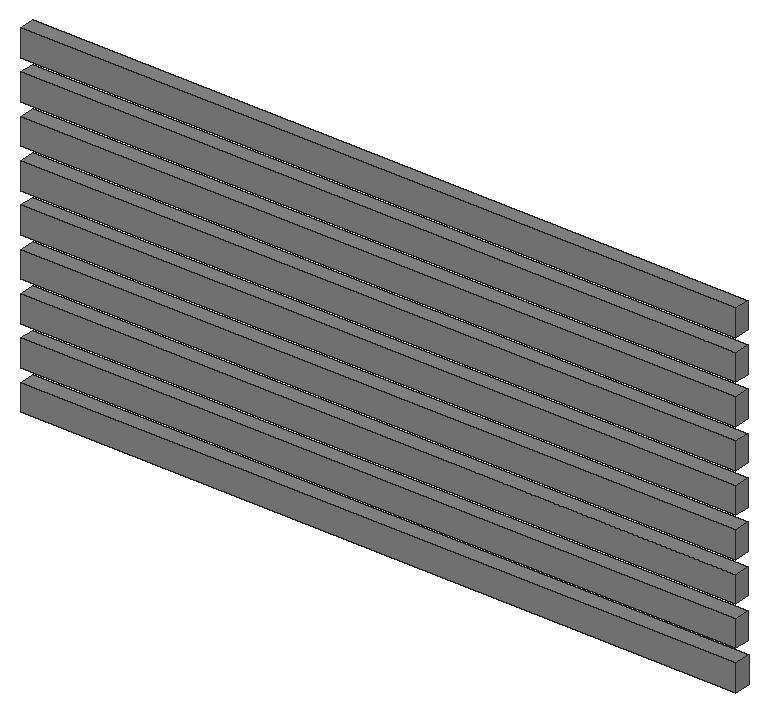
Revit family
Parameters (values of type "유형 1")
  프레임재질 = 금속 - 페인트 마감 - 어두운 회색, 무광
  Assembly Code = ""
  씰높이 = 786.78 mm
  넓이 = 2700 mm
Types (2): name
  유형 1
  유형_스몰
Reference planes
  plane 1 "벽": y = 0
  plane 2 "중심(왼쪽/오른쪽)": x = 125
  plane 3 "뒷면": y = 75
  plane 4: x = 1475
  plane 5: x = -1225
Forms (mm)
  Extrusion 1, solid, material "금속 - 페인트 마감 - 어두운 회색, 무광" <- "프레임재질"
    sketch origin (125, 0, 0) x (0, -1, 0) y (0, 0, -1)
      loop
        line (-118.529, -2086.78) -> (-58.529, -2086.78) -> (-58.529, -1986.78) -> (-118.529, -1986.78) -> (-118.529, -2086.78)
      loop
        line (-118.529, -1936.78) -> (-58.529, -1936.78) -> (-58.529, -1836.78) -> (-118.529, -1836.78) -> (-118.529, -1936.78)
      loop
        line (-118.529, -1786.78) -> (-58.529, -1786.78) -> (-58.529, -1686.78) -> (-118.529, -1686.78) -> (-118.529, -1786.78)
      loop
        line (-118.529, -1636.78) -> (-58.529, -1636.78) -> (-58.529, -1536.78) -> (-118.529, -1536.78) -> (-118.529, -1636.78)
      loop
        line (-118.529, -1486.78) -> (-58.529, -1486.78) -> (-58.529, -1386.78) -> (-118.529, -1386.78) -> (-118.529, -1486.78)
      loop
        line (-118.529, -1336.78) -> (-58.529, -1336.78) -> (-58.529, -1236.78) -> (-118.529, -1236.78) -> (-118.529, -1336.78)
      loop
        line (-118.529, -1186.78) -> (-58.529, -1186.78) -> (-58.529, -1086.78) -> (-118.529, -1086.78) -> (-118.529, -1186.78)
      loop
        line (-118.529, -1036.78) -> (-58.529, -1036.78) -> (-58.529, -936.78) -> (-118.529, -936.78) -> (-118.529, -1036.78)
      loop
        line (-118.529, -886.78) -> (-58.529, -886.78) -> (-58.529, -786.78) -> (-118.529, -786.78) -> (-118.529, -886.78)
    from -1350 to 1350
Text (mm)
  text "측면 배치" at (-1848.837, 1116.779, 0), in view "참조 레벨"
  text "측면 배치" at (0, 1409.804, 2854.306), in view "왼쪽"
  text "측면 배치" at (0, 499.811, 2980.732), in view "오른쪽"
Dimensions and locks
  locked: plane 3 "뒷면" to host wall
  equal spacing: plane 5, plane 2 "중심(왼쪽/오른쪽)", plane 4
  "넓이": plane 4 to plane 5
  "씰높이": level to Extrusion 1
  aligned and locked: plane 1 "벽" to host wall
  aligned and locked: Extrusion 1 to plane 4
  aligned and locked: Extrusion 1 to plane 5
Automatic sketch dimensions
  Extrusion 1 sketch curve to host wall = 43.529 mm  (x9)
  host wall to Extrusion 1 sketch curve = 16.471 mm  (x9)
  Extrusion 1 sketch curve to level = 786.78 mm
  Extrusion 1 sketch curve to Extrusion 1 sketch curve = 100 mm  (x9)
  Extrusion 1 sketch curve to Extrusion 1 sketch curve = 50 mm  (x8)
